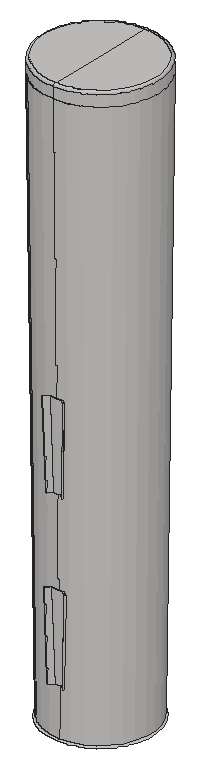
Revit family "QF_Vollrath_SLC-4", category Specialty Equipment, Revit 2016
Family settings
  Part Type = Normal
  Round Connector Dimension = Use Diameter
  OmniClass Number = 23.40.40.00
  OmniClass Title = Food Service Equipment and Furnishings
  Work Plane-Based = Yes
  Always vertical = Yes
  Cut with Voids When Loaded = No
  Shared = No
  Room Calculation Point = No
Parameters
  Width = 5 1/16"
  Weight in Pounds = 0
  Watermarked By = ""
  URL Cutsheet = ""
  Specification by User [instance] = ""
  Specification by Manufacturer [instance] = ""
  Serial Number [instance] = ""
  Revision Code [instance] = ""
  NAFEM Spec ID Number [instance] = ""
  Model = "SLC-4"
  Masterspec [instance] = ""
  Manufacturer = "Vollrath"
  Item Number [instance] = "-"
  Installed By [instance] = ""
  Height = 25 3/4"
  Furnished By [instance] = ""
  Foodservice Equipment Identifier = yes
  Description = "Cup Dispenser"
  Depth = 5 1/16"
  Default Elevation = 48"
  CSI MasterFormat = ""
Reference planes (in)
  plane 1 "BACK": y = 0
  plane 2 "BOTTOM": z = 0
  plane 3 "LEFT": x = -16.56573
  plane 4 "RIGHT": x = -11.50323
  plane 5 "FRONT": y = -5.0625
  plane 6 "TOP": z = 25.75
  plane 7: z = 25.16
  plane 8 "CNTR LR": x = -14.03448
  plane 9 "CNTR FB": y = -2.53125
  plane 10 "Bottom Screw 1": z = 2.19
  plane 11 "Bottom of Screw 2": z = 5.94
  plane 12 "Top Screw 1": z = 9.69
  plane 13 "Top Screw 2": z = 12.875
Forms (in)
  Revolve 1, solid, material "QF_Stainless-Polished"
    sketch origin (-14.03448, 0, 0) x (0, 1, 0) y (0, 0, 1)
      loop
        line (-0.1, 25.75) -> (-2.53125, 25.75) -> (-2.53125, 25.16) -> (0, 25.16) -> (0, 25.65)
        arc (0, 25.65) -> (-0.02929, 25.72071) -> (-0.1, 25.75) r 0.1
      axis (-2.53125, 25.16) -> (-2.53125, 25.75)
    angle from 0 to 360
  Blend 2, solid, material "QF_Stainless-Polished"
    base sketch origin (0, 0, 9.69) x (0, 1, 0) y (-1, 0, 0)
      loop
        arc (-4.88974, 14.1962) -> (-4.89538, 14.03448) -> (-4.88974, 13.87275) r 2.32065
        line (-4.88974, 13.87275) -> (-5.05539, 13.70709)
        arc (-5.05539, 13.70709) -> (-5.0516, 13.67953) -> (-5.0475, 13.65202) r 2.50217
        line (-5.0475, 13.65202) -> (-4.85773, 13.86233)
        arc (-4.85773, 13.86233) -> (-4.86421, 14.03448) -> (-4.85773, 14.20662) r 2.28948
        line (-4.85773, 14.20662) -> (-5.0475, 14.41694)
        arc (-5.0475, 14.41694) -> (-5.0516, 14.38942) -> (-5.05539, 14.36186) r 2.50217
        line (-5.05539, 14.36186) -> (-4.88974, 14.1962)
    top sketch origin (0, 0, 9.69) x (0, 1, 0) y (-1, 0, 0)
      loop
        line (-5.11621, 14.46025) -> (-4.95796, 14.302)
        arc (-4.95796, 14.302) -> (-4.97356, 14.03448) -> (-4.95796, 13.76695) r 2.30173
        line (-4.95796, 13.76695) -> (-5.11621, 13.6087)
        arc (-5.11621, 13.6087) -> (-5.11145, 13.58223) -> (-5.1064, 13.55581) r 2.48118
        line (-5.1064, 13.55581) -> (-4.92489, 13.75759)
        arc (-4.92489, 13.75759) -> (-4.94184, 14.03448) -> (-4.92489, 14.31136) r 2.27001
        line (-4.92489, 14.31136) -> (-5.1064, 14.51314)
        arc (-5.1064, 14.51314) -> (-5.11145, 14.48672) -> (-5.11621, 14.46025) r 2.48118
    from 0 to 3.75
  Revolve 3, solid, material "QF_Stainless-Polished"
    sketch origin (-14.03448, 0, 0) x (0, 1, 0) y (0, 0, 1)
      loop
        line (-0.31735, 0) -> (-0.23249, 0)
        arc (-0.23249, 0) -> (-0.28229, 0.0208) -> (-0.30249, 0.07084) r 0.07
        line (-0.30249, 0.07084) -> (0, 25.16) -> (-0.04, 25.16) -> (-0.3425, 0.07027)
        arc (-0.3425, 0.07027) -> (-0.33607, 0.03294) -> (-0.31735, 0) r 0.11
      axis (-2.53125, 0) -> (-2.53125, 25.16)
    angle from 0 to 360
  Blend 4, solid, material "QF_Stainless-Polished"
    base sketch origin (0, 0.07267, 2.19) x (0, 1, 0) y (-1, 0, 0)
      loop
        arc (-4.88974, 14.1962) -> (-4.89538, 14.03448) -> (-4.88974, 13.87275) r 2.32065
        line (-4.88974, 13.87275) -> (-5.05539, 13.70709)
        arc (-5.05539, 13.70709) -> (-5.0516, 13.67953) -> (-5.0475, 13.65202) r 2.50217
        line (-5.0475, 13.65202) -> (-4.85773, 13.86233)
        arc (-4.85773, 13.86233) -> (-4.86421, 14.03448) -> (-4.85773, 14.20662) r 2.28948
        line (-4.85773, 14.20662) -> (-5.0475, 14.41694)
        arc (-5.0475, 14.41694) -> (-5.0516, 14.38942) -> (-5.05539, 14.36186) r 2.50217
        line (-5.05539, 14.36186) -> (-4.88974, 14.1962)
    top sketch origin (0, 0.07267, 2.19) x (0, 1, 0) y (-1, 0, 0)
      loop
        line (-5.11621, 14.46025) -> (-4.95796, 14.302)
        arc (-4.95796, 14.302) -> (-4.97356, 14.03448) -> (-4.95796, 13.76695) r 2.30173
        line (-4.95796, 13.76695) -> (-5.11621, 13.6087)
        arc (-5.11621, 13.6087) -> (-5.11145, 13.58223) -> (-5.1064, 13.55581) r 2.48118
        line (-5.1064, 13.55581) -> (-4.92489, 13.75759)
        arc (-4.92489, 13.75759) -> (-4.94184, 14.03448) -> (-4.92489, 14.31136) r 2.27001
        line (-4.92489, 14.31136) -> (-5.1064, 14.51314)
        arc (-5.1064, 14.51314) -> (-5.11145, 14.48672) -> (-5.11621, 14.46025) r 2.48118
    from 0 to 3.75
Lines and regions (in)
  symbolic lines
    curve 1: circle (-14.03448, -2.53125, 9.69) r 2.53125 normal (0, 0, 1)
  symbolic lines, style "QF_Details_Surface"
    curve 2: line (-14.31136, -4.92489, 9.69) -> (-14.49177, -5.1064, 9.69)
    curve 3: arc (-13.75759, -4.92489, 9.69) -> (-14.03448, -4.94184, 9.69) -> (-14.31136, -4.92489, 9.69) r 2.27001
    curve 4: line (-13.57608, -5.1064, 9.69) -> (-13.75759, -4.92489, 9.69)
    curve 5: line (-13.76695, -4.95796, 9.69) -> (-13.6087, -5.11621, 9.69)
    curve 6: arc (-14.302, -4.95796, 9.69) -> (-14.03448, -4.97356, 9.69) -> (-13.76695, -4.95796, 9.69) r 2.30173
    curve 7: line (-14.46025, -5.11621, 9.69) -> (-14.302, -4.95796, 9.69)
    curve 8: arc (-14.49177, -5.1064, 9.69) -> (-14.47603, -5.11136, 9.69) -> (-14.46025, -5.11621, 9.69) r 2.55483
    curve 9: arc (-13.6087, -5.11621, 9.69) -> (-13.59238, -5.11136, 9.69) -> (-13.57608, -5.1064, 9.69) r 2.54735
Dimensions and locks (in)
  "Width": plane 3 "LEFT" to plane 4 "RIGHT"
  "Depth": plane 5 "FRONT" to plane 1 "BACK"
  "Height": plane 6 "TOP" to plane 2 "BOTTOM"
  locked: plane 6 "TOP" to plane 7 at 0.59
  equal spacing: plane 3 "LEFT", plane 8 "CNTR LR", plane 4 "RIGHT"
  equal spacing: plane 5 "FRONT", plane 9 "CNTR FB", plane 1 "BACK"
  locked: plane 11 "Bottom of Screw 2" to plane 10 "Bottom Screw 1" at 3.75
  locked: plane 12 "Top Screw 1" to plane 11 "Bottom of Screw 2" at 3.75
  equal spacing: plane 6 "TOP", plane 13 "Top Screw 2", plane 2 "BOTTOM"
  plane 10 "Bottom Screw 1" to plane 2 "BOTTOM" = 2.19"
  aligned and locked: level to plane 2 "BOTTOM"
  aligned and locked: Revolve 1 sketch curve to Revolve 1 sketch curve
  aligned and locked: plane 7 to Revolve 1 sketch curve
  aligned and locked: Revolve 1 sketch curve to plane 9 "CNTR FB"
  aligned and locked: Revolve 1 sketch curve to plane 6 "TOP"
  aligned and locked: plane 1 "BACK" to Revolve 1 sketch curve
Automatic sketch dimensions
  Revolve 1 sketch curve to plane 7 = 0"
  Revolve 1 sketch curve to plane 6 "TOP" = 0"
  Revolve 1 sketch curve to Revolve 1 sketch curve = 0.1"
  Blend 2 sketch curve to Blend 2 sketch curve = 0"  (x24)
  Blend 2 sketch curve to plane 8 "CNTR LR" = 0"  (x2)
  Blend 2 sketch curve to plane 5 "FRONT" = 0.00711"  (x2)
  Blend 2 sketch curve to plane 5 "FRONT" = 0.015"  (x2)
  Blend 2 sketch curve to plane 5 "FRONT" = 0.17276"
  plane 8 "CNTR LR" to Blend 2 sketch curve = 0.16173"
  Blend 2 sketch curve to Blend 2 sketch curve = 0.16565"  (x3)
  Blend 2 sketch curve to Blend 2 sketch curve = 0.03201"  (x2)
  plane 8 "CNTR LR" to Blend 2 sketch curve = 0.17214"
  plane 9 "CNTR FB" to Blend 2 sketch curve = 0.04348"
  plane 5 "FRONT" to Blend 2 sketch curve = 0.05371"  (x2)
  Blend 2 sketch curve to Blend 2 sketch curve = 0.00981"  (x2)
  Blend 2 sketch curve to plane 5 "FRONT" = 0.10454"  (x2)
  Blend 2 sketch curve to Blend 2 sketch curve = 0.03307"  (x2)
  plane 9 "CNTR FB" to Blend 2 sketch curve = 0.14058"
  plane 8 "CNTR LR" to Blend 2 sketch curve = 0.26752"
  Blend 2 sketch curve to Blend 2 sketch curve = 0.00936"
  Blend 2 sketch curve to Blend 2 sketch curve = 0.15825"  (x2)
  Revolve 3 sketch curve to plane 7 = 0"  (x2)
  Revolve 3 sketch curve to plane 9 "CNTR FB" = 0"
  Revolve 3 sketch curve to level = 0"  (x2)
  Revolve 3 sketch curve to plane 1 "BACK" = 0"
  level to Revolve 3 sketch curve = 0.07027"
  plane 1 "BACK" to Revolve 3 sketch curve = 0.3425"
  Revolve 3 sketch curve to Revolve 3 sketch curve = 0.02515"
  level to Revolve 3 sketch curve = 0.07084"
  Revolve 3 sketch curve to Revolve 3 sketch curve = 0.04001"
  Revolve 3 sketch curve to Revolve 3 sketch curve = 0.06999"
  Revolve 3 sketch curve to Revolve 3 sketch curve = 0"
  Revolve 3 sketch curve to Revolve 3 sketch curve = 0.04"
  Blend 4 sketch curve to Blend 4 sketch curve = 0"  (x24)
  Blend 4 sketch curve to plane 8 "CNTR LR" = 0"  (x2)
  Blend 4 sketch curve to plane 5 "FRONT" = 0.07978"  (x2)
  Blend 4 sketch curve to plane 5 "FRONT" = 0.08767"  (x2)
  Blend 4 sketch curve to plane 5 "FRONT" = 0.24543"
  plane 8 "CNTR LR" to Blend 4 sketch curve = 0.16173"
  Blend 4 sketch curve to Blend 4 sketch curve = 0.16565"  (x3)
  Blend 4 sketch curve to Blend 4 sketch curve = 0.03201"  (x2)
  plane 8 "CNTR LR" to Blend 4 sketch curve = 0.17214"
  Blend 4 sketch curve to plane 9 "CNTR FB" = 0.02919"
  Blend 4 sketch curve to plane 5 "FRONT" = 0.01896"  (x2)
  Blend 4 sketch curve to Blend 4 sketch curve = 0.00981"  (x2)
  Blend 4 sketch curve to plane 5 "FRONT" = 0.17721"  (x2)
  Blend 4 sketch curve to Blend 4 sketch curve = 0.03307"  (x2)
  plane 9 "CNTR FB" to Blend 4 sketch curve = 0.06791"
  plane 8 "CNTR LR" to Blend 4 sketch curve = 0.26752"
  Blend 4 sketch curve to Blend 4 sketch curve = 0.00936"
  Blend 4 sketch curve to Blend 4 sketch curve = 0.15825"  (x2)
  curve 3 to curve 6 = 0"  (x2)
  curve 3 to plane 8 "CNTR LR" = 0"
  curve 1 to plane 8 "CNTR LR" = 0"
  plane 9 "CNTR FB" to curve 1 = 0"
  plane 9 "CNTR FB" to curve 8 = 0.14058"
  curve 6 to curve 1 = 0.14058"
  plane 9 "CNTR FB" to curve 9 = 0.14058"
  curve 2 to plane 5 "FRONT" = 0.13761"
  curve 4 to plane 5 "FRONT" = 0.13761"
  curve 7 to curve 3 = 0.03307"
  curve 5 to curve 3 = 0.03307"
  plane 5 "FRONT" to curve 2 = 0.0439"
  plane 5 "FRONT" to curve 4 = 0.0439"
  curve 7 to curve 2 = 0.00981"
  curve 5 to curve 9 = 0.00981"
  plane 8 "CNTR LR" to curve 5 = 0.26752"
  curve 4 to curve 6 = 0.00936"
  plane 8 "CNTR LR" to curve 8 = 0.3173"
  curve 5 to curve 6 = 0.15825"
  curve 4 to curve 9 = 0.03262"
  curve 7 to curve 7 = 0.15825"
  radius of curve 1 = 2 17/32"
